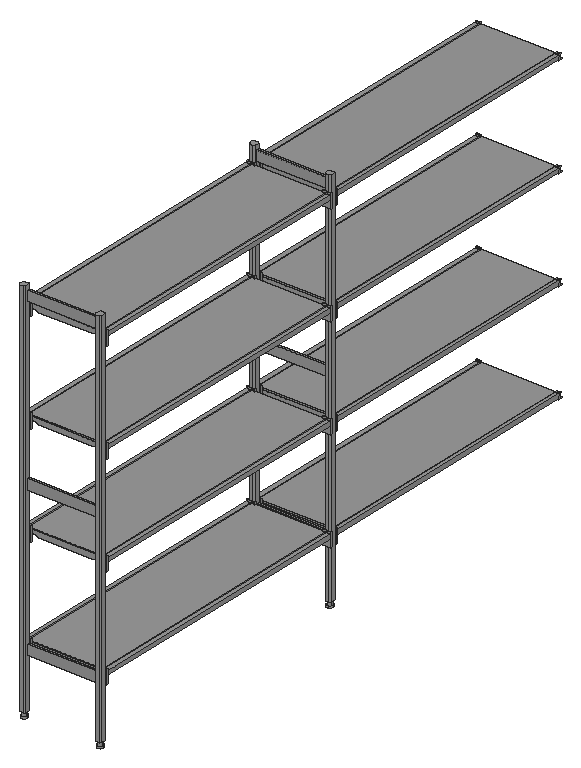
Revit family "QF_ELECTROLUXPROFESSIONAL_137067_ACS2548", category Attrezzature speciali, Revit 2020
Family settings
  Quota connettore circolare = Usa diametro
  Tipo di parte = Normale
  Basato su piano di lavoro = No
  Sempre verticale = Sì
  Taglio con vuoti quando caricato = No
  Condiviso = No
  Punto di calcolo locali = No
Parameters (values of type "Standard")
  Weight = 38.00 kg
  Watts = 0 W
  Volts = 0 V
  URL Manufacturer = "https://www.electroluxprofessional.com/"
  URL = "https://www.electroluxprofessional.com/"
  Steam Supply Size = 0 mm
  Steam Supply Minimum Pressure = 0.0 Pa
  Steam Supply Maximum Pressure = 0.0 Pa
  Steam Consumption per Hour = 0
  Refrigeration Suction Line Size = 0.0 mm
  Refrigeration Liquid Line Size = 0.0 mm
  Refrigerant Compressor Remote = yes
  Prospetto di default = 0.0 mm
  Phase = 0
  Modello = "ACS2548"
  Produttore = "Electrolux Professional"
  Length Actual = 2552.0 mm  # constant formula
  Item Number = "137067"
  Hot Water Size = 0 mm
  Height Actual = 1700.0 mm  # constant formula
  HP = "0 HP"
  Gas Size = 0 mm
  Gas KW = 0
  Gas Input Pressure = 0 W
  Direct Waste Size = 0 mm
  Descrizione = "ALUM.CORNER SHELV.-POLY.TIERS-373X2552MM"
  Depth Actual = 373.0 mm  # constant formula
  Cycle = 0 Hz
  Condensate Return Size = 0 mm
  Compressed Air Volume = 0.0 L/s
  Compressed Air Size = 0 mm
  Compressed Air Pressure = 0.0 Pa
  Cold Water Size = 0 mm
  Accessory = yes
Reference planes
  plane 1: z = 0
  plane 2 "CenterLeft": y = -535.5
  plane 3 "FRONT": y = -921.5
  plane 4 "LEFT": x = 192.5
  plane 5 "RIGHT": x = 565.5
  plane 6 "TOP": z = 1700
  plane 7: y = -889.5
  plane 8: y = 350.5
  plane 9 "Center (Left/Back)": x = 379
  plane 10: x = 205
  plane 11: x = 515
  plane 12 "FEET": z = 25
  plane 13: z = 275
  plane 14: z = 725
  plane 15: z = 1175
  plane 16: z = 1625
  plane 17 "CXLeft": y = -907.5
  plane 18 "Center (Front/Back)": y = 368.5
  plane 19 "CYFront": x = 510
  plane 20: y = 1626.5
  plane 21: y = 386.5
  plane 22 "BACK": y = 1630.5
  plane 23 "LEFT_ORIGIN": x = 158.5
  plane 24 "BACK_ORIGIN": y = 2003.5
Forms (mm)
  Extrusion 1, solid, material "QF_Aluminum"
    sketch origin (38.022, -921.5, -4.006) x (-1, 0, 0) y (0, 0, 1)
      loop
        line (-189.5, 1637.003) -> (-173.5, 1637.003) -> (-173.5, 1655) -> (-175.493, 1655) -> (-175.493, 1648.501) -> (-506.5, 1648.501) -> (-506.5, 1655) -> (-508.5, 1655) -> (-508.5, 1637.003) -> (-492.5, 1637.003) -> (-458.5, 1625) -> (-223.5, 1625) -> (-189.5, 1637.003)
      loop
        line (-189.5, 1187.003) -> (-173.5, 1187.003) -> (-173.5, 1205) -> (-175.493, 1205) -> (-175.493, 1198.501) -> (-506.5, 1198.501) -> (-506.5, 1205) -> (-508.5, 1205) -> (-508.5, 1187.003) -> (-492.5, 1187.003) -> (-458.5, 1175) -> (-223.5, 1175) -> (-189.5, 1187.003)
      loop
        line (-189.5, 737.003) -> (-173.5, 737.003) -> (-173.5, 755) -> (-175.493, 755) -> (-175.493, 748.501) -> (-506.5, 748.501) -> (-506.5, 755) -> (-508.5, 755) -> (-508.5, 737.003) -> (-492.5, 737.003) -> (-458.5, 725) -> (-223.5, 725) -> (-189.5, 737.003)
      loop
        line (-189.5, 287.003) -> (-173.5, 287.003) -> (-173.5, 305) -> (-175.493, 305) -> (-175.493, 298.501) -> (-506.5, 298.501) -> (-506.5, 305) -> (-508.5, 305) -> (-508.5, 287.003) -> (-492.5, 287.003) -> (-458.5, 275) -> (-223.5, 275) -> (-189.5, 287.003)
    from 37 to 32
  Extrusion 2, solid, material "QF_Aluminum"
    sketch origin (38.022, -921.5, 0) x (-1, 0, 0) y (0, 0, 1)
      loop
        line (-154.478, 246.005) -> (-154.478, 307.993) -> (-190.471, 307.993) -> (-190.471, 246.005) -> (-154.478, 246.005)
      loop
        line (-527.478, 246.005) -> (-491.484, 246.005) -> (-491.484, 307.993) -> (-527.478, 307.993) -> (-527.478, 246.005)
      loop
        line (-154.478, 696.005) -> (-154.478, 757.993) -> (-190.471, 757.993) -> (-190.471, 696.005) -> (-154.478, 696.005)
      loop
        line (-527.478, 696.005) -> (-491.484, 696.005) -> (-491.484, 757.993) -> (-527.478, 757.993) -> (-527.478, 696.005)
      loop
        line (-154.478, 1146.005) -> (-154.478, 1207.993) -> (-190.471, 1207.993) -> (-190.471, 1146.005) -> (-154.478, 1146.005)
      loop
        line (-527.478, 1146.005) -> (-491.484, 1146.005) -> (-491.484, 1207.993) -> (-527.478, 1207.993) -> (-527.478, 1146.005)
      loop
        line (-154.478, 1596.005) -> (-154.478, 1657.993) -> (-190.471, 1657.993) -> (-190.471, 1596.005) -> (-154.478, 1596.005)
      loop
        line (-527.478, 1596.005) -> (-491.484, 1596.005) -> (-491.484, 1657.993) -> (-527.478, 1657.993) -> (-527.478, 1596.005)
    from 28 to 32
  Extrusion 3, solid, material "QF_Aluminum"
    sketch origin (38.022, -921.5, 0) x (-1, 0, 0) y (0, 0, 1)
      loop
        line (-154.5, 1650.994) -> (-173.5, 1650.994) -> (-173.5, 1632.998) -> (-154.5, 1632.998) -> (-154.5, 1650.994)
      loop
        line (-154.5, 1200.994) -> (-173.5, 1200.994) -> (-173.5, 1182.998) -> (-154.5, 1182.998) -> (-154.5, 1200.994)
      loop
        line (-154.5, 750.994) -> (-173.5, 750.994) -> (-173.5, 732.998) -> (-154.5, 732.998) -> (-154.5, 750.994)
      loop
        line (-154.5, 300.994) -> (-173.5, 300.994) -> (-173.5, 282.998) -> (-154.5, 282.998) -> (-154.5, 300.994)
      loop
        line (-527.455, 1650.994) -> (-527.455, 1632.998) -> (-508.455, 1632.998) -> (-508.455, 1650.994) -> (-527.455, 1650.994)
      loop
        line (-527.455, 1200.994) -> (-527.455, 1182.998) -> (-508.455, 1182.998) -> (-508.455, 1200.994) -> (-527.455, 1200.994)
      loop
        line (-527.455, 750.994) -> (-527.455, 732.998) -> (-508.455, 732.998) -> (-508.455, 750.994) -> (-527.455, 750.994)
      loop
        line (-527.455, 300.994) -> (-527.455, 282.998) -> (-508.455, 282.998) -> (-508.455, 300.994) -> (-527.455, 300.994)
    from 32 to 1272
  Extrusion 4, solid, material "QF_Polyethylene"
    sketch origin (38.022, -921.5, 0) x (-1, 0, 0) y (0, 0, 1)
      loop
        line (-175.493, 1650.994) -> (-506.5, 1650.994) -> (-506.5, 1644.496) -> (-175.493, 1644.496) -> (-175.493, 1650.994)
      loop
        line (-175.493, 1200.994) -> (-506.5, 1200.994) -> (-506.5, 1194.496) -> (-175.493, 1194.496) -> (-175.493, 1200.994)
      loop
        line (-175.493, 750.994) -> (-506.5, 750.994) -> (-506.5, 744.496) -> (-175.493, 744.496) -> (-175.493, 750.994)
      loop
        line (-175.493, 300.994) -> (-506.5, 300.994) -> (-506.5, 294.496) -> (-175.493, 294.496) -> (-175.493, 300.994)
    from 32 to 1272
  Extrusion 5, solid, material "QF_Aluminum"
    sketch origin (38.022, 684.5, 0) x (-1, 0, 0) y (0, 0, 1)
      loop
        line (-154.5, 1650.994) -> (-173.5, 1650.994) -> (-173.5, 1632.998) -> (-154.5, 1632.998) -> (-154.5, 1650.994)
      loop
        line (-508.5, 1650.994) -> (-527.455, 1650.994) -> (-527.455, 1632.998) -> (-508.5, 1632.998) -> (-508.5, 1650.994)
      loop
        line (-154.5, 1200.994) -> (-173.5, 1200.994) -> (-173.5, 1182.998) -> (-154.5, 1182.998) -> (-154.5, 1200.994)
      loop
        line (-508.5, 1200.994) -> (-527.455, 1200.994) -> (-527.455, 1182.998) -> (-508.5, 1182.998) -> (-508.5, 1200.994)
      loop
        line (-154.5, 750.994) -> (-173.5, 750.994) -> (-173.5, 732.998) -> (-154.5, 732.998) -> (-154.5, 750.994)
      loop
        line (-508.5, 750.994) -> (-527.455, 750.994) -> (-527.455, 732.998) -> (-508.5, 732.998) -> (-508.5, 750.994)
      loop
        line (-154.5, 300.994) -> (-173.5, 300.994) -> (-173.5, 282.998) -> (-154.5, 282.998) -> (-154.5, 300.994)
      loop
        line (-508.5, 300.994) -> (-527.455, 300.994) -> (-527.455, 282.998) -> (-508.5, 282.998) -> (-508.5, 300.994)
    from 942 to -298
  Extrusion 6, solid, material "QF_Polyethylene"
    sketch origin (38.022, 684.5, 0) x (-1, 0, 0) y (0, 0, 1)
      loop
        line (-175.493, 1650.994) -> (-506.5, 1650.994) -> (-506.5, 1644.496) -> (-175.493, 1644.496) -> (-175.493, 1650.994)
      loop
        line (-175.493, 1200.994) -> (-506.5, 1200.994) -> (-506.5, 1194.496) -> (-175.493, 1194.496) -> (-175.493, 1200.994)
      loop
        line (-175.493, 750.994) -> (-506.5, 750.994) -> (-506.5, 744.496) -> (-175.493, 744.496) -> (-175.493, 750.994)
      loop
        line (-175.493, 300.994) -> (-506.5, 300.994) -> (-506.5, 294.496) -> (-175.493, 294.496) -> (-175.493, 300.994)
    from 942 to -298
Lines and regions (mm)
  symbolic lines
    curve 1: line (205, -912.5, 1700) -> (515, -912.5, 1700)
    curve 2: line (515, -902.5, 1700) -> (205, -902.5, 1700)
    curve 3: line (192.5, -893.5, 1700) -> (192.5, 354.5, 1700)
    curve 4: line (565.5, -889.5, 1700) -> (565.5, 350.5, 1700)
    curve 5: line (192.5, 382.5, 1700) -> (192.5, 1630.5, 1700)
    curve 6: line (565.5, 382.5, 1700) -> (565.5, 1630.5, 1700)
    curve 7: line (211.522, 1626.5, 1700) -> (510.507, 1626.5, 1700)
    curve 8: line (211.522, 350.5, 1700) -> (510.507, 350.5, 1700)
    curve 9: line (510.507, 386.5, 1700) -> (211.522, 386.5, 1700)
    curve 10: line (211.522, -889.5, 1700) -> (510.507, -889.5, 1700)
    curve 11: line (211.522, -889.5, 1700) -> (211.522, 350.5, 1700)
    curve 12: line (546.478, 350.5, 1700) -> (546.478, -889.5, 1700)
    curve 13: line (211.522, 386.5, 1700) -> (211.522, 1626.5, 1700)
    curve 14: line (546.522, 652.5, 1700) -> (546.522, -145.5, 1700)
Dimensions and locks
  plane 3 "FRONT" to plane 2 "CenterLeft" = 386.0 mm
  locked: plane 6 "TOP" to level at 1700
  locked: plane 7 to plane 8 at 1240
  locked: plane 10 to plane 11 at 310
  plane 10 to plane 9 "Center (Left/Back)" to plane 11 = 174.0 mm, 136.0 mm
  equal spacing: plane 4 "LEFT", plane 9 "Center (Left/Back)", plane 5 "RIGHT"
  plane 12 "FEET" to level = 25.0 mm
  plane 6 "TOP" to plane 12 "FEET" = 1675.0 mm
  plane 13 to plane 12 "FEET" = 250.0 mm
  plane 14 to plane 13 = 450.0 mm
  plane 15 to plane 14 = 450.0 mm
  plane 16 to plane 15 = 450.0 mm
  plane 19 "CYFront" to Extrusion 1 sketch curve = 34.522 mm
  locked: plane 21 to plane 20 at 1240
  locked: plane 8 to plane 18 "Center (Front/Back)" at 18
  locked: plane 18 "Center (Front/Back)" to plane 21 at 18
  locked: plane 3 "FRONT" to plane 7 at 32
  locked: plane 4 "LEFT" to plane 5 "RIGHT" at 373
  locked: plane 23 "LEFT_ORIGIN" to plane 5 "RIGHT" at 407
  locked: plane 22 "BACK" to plane 24 "BACK_ORIGIN" at 373
  locked: plane 22 "BACK" to plane 3 "FRONT" at 2552
  aligned and locked: level to plane 1
  aligned and locked: Extrusion 1 to plane 7
  aligned and locked: plane 7 to Extrusion 2
  aligned and locked: Extrusion 4 to plane 7
  aligned and locked: plane 8 to Extrusion 4
  aligned and locked: Extrusion 3 to plane 7
  aligned and locked: plane 8 to Extrusion 3
  aligned and locked: Extrusion 1 sketch curve to Extrusion 1 sketch curve  (x3)
  aligned and locked: Extrusion 4 sketch curve to Extrusion 1  (x4)
  aligned and locked: Extrusion 5 sketch curve to Extrusion 5 sketch curve  (x2)
  aligned and locked: Extrusion 5 to plane 21  (x5)
  aligned and locked: Extrusion 6 to plane 21  (x5)
  aligned and locked: nested 2 to plane 18 "Center (Front/Back)"
  aligned and locked: nested 1 to plane 17 "CXLeft"
  aligned and locked: plane 7 to Extrusion 3  (x3)
  aligned and locked: Extrusion 3 to plane 8  (x4)
  aligned and locked: Extrusion 4 to plane 8  (x4)
  aligned and locked: plane 20 to Extrusion 5
  aligned and locked: plane 20 to Extrusion 6
  aligned and locked: Extrusion 5 to plane 20  (x3)
  aligned and locked: Extrusion 6 to plane 20  (x3)
  aligned and locked: plane 9 "Center (Left/Back)" to nested 2
  aligned and locked: nested 3 to plane 22 "BACK"
Automatic sketch dimensions
  curve 1 to plane 10 = 0.0 mm
  curve 1 to plane 11 = 0.0 mm
  curve 2 to plane 10 = 0.0 mm
  curve 2 to plane 11 = 0.0 mm
  curve 3 to plane 4 "LEFT" = 0.0 mm
  plane 7 to curve 10 = 0.0 mm
  curve 4 to plane 5 "RIGHT" = 0.0 mm
  plane 7 to curve 4 = 0.0 mm
  plane 8 to curve 8 = 0.0 mm
  plane 8 to curve 4 = 0.0 mm
  curve 6 to plane 5 "RIGHT" = 0.0 mm
  curve 5 to plane 4 "LEFT" = 0.0 mm
  curve 9 to plane 21 = 0.0 mm
  plane 20 to curve 7 = 0.0 mm
  plane 7 to curve 3 = 4.0 mm
  plane 17 "CXLeft" to curve 2 = 5.0 mm
  curve 1 to plane 17 "CXLeft" = 5.0 mm
  curve 3 to plane 8 = 4.0 mm
  curve 6 to plane 21 = 4.0 mm
  curve 5 to plane 21 = 4.0 mm
  curve 6 to plane 20 = 4.0 mm
  curve 5 to plane 20 = 4.0 mm
  plane 11 to curve 10 = 4.493 mm
  plane 11 to curve 9 = 4.493 mm
  plane 11 to curve 8 = 4.493 mm
  plane 11 to curve 7 = 4.493 mm
  curve 8 to plane 10 = 6.522 mm
  curve 7 to plane 10 = 6.522 mm
  Extrusion 1 sketch curve to plane 19 "CYFront" = 36.522 mm  (x4)
  Extrusion 1 sketch curve to plane 11 = 15.522 mm  (x4)
  Extrusion 1 sketch curve to plane 13 = 4.006 mm
  Extrusion 1 sketch curve to Extrusion 1 sketch curve = 34.0 mm  (x4)
  Extrusion 1 sketch curve to plane 14 = 4.006 mm
  Extrusion 1 sketch curve to plane 15 = 4.006 mm
  Extrusion 1 sketch curve to plane 16 = 4.006 mm
  Extrusion 1 sketch curve to plane 10 = 56.522 mm  (x4)
  Extrusion 1 sketch curve to plane 10 = 22.522 mm  (x4)
  plane 13 to Extrusion 1 sketch curve = 7.998 mm  (x2)
  Extrusion 1 sketch curve to Extrusion 1 sketch curve = 11.498 mm  (x4)
  Extrusion 1 sketch curve to Extrusion 1 sketch curve = 6.499 mm  (x8)
  plane 14 to Extrusion 1 sketch curve = 7.998 mm  (x2)
  plane 15 to Extrusion 1 sketch curve = 7.998 mm  (x2)
  plane 16 to Extrusion 1 sketch curve = 7.998 mm  (x2)
  Extrusion 2 sketch curve to plane 5 "RIGHT" = 0.0 mm  (x4)
  Extrusion 2 sketch curve to plane 4 "LEFT" = 0.0 mm  (x4)
  Extrusion 2 sketch curve to plane 11 = 14.507 mm  (x4)
  Extrusion 2 sketch curve to plane 10 = 23.493 mm  (x4)
  Extrusion 2 sketch curve to plane 13 = 28.995 mm  (x2)
  plane 13 to Extrusion 2 sketch curve = 32.993 mm  (x2)
  Extrusion 2 sketch curve to plane 14 = 28.995 mm  (x2)
  plane 14 to Extrusion 2 sketch curve = 32.993 mm  (x2)
  Extrusion 2 sketch curve to plane 15 = 28.995 mm  (x2)
  plane 15 to Extrusion 2 sketch curve = 32.993 mm  (x2)
  Extrusion 2 sketch curve to plane 16 = 28.995 mm  (x2)
  plane 16 to Extrusion 2 sketch curve = 32.993 mm  (x2)
  plane 13 to Extrusion 4 sketch curve = 19.496 mm
  Extrusion 4 sketch curve to Extrusion 4 sketch curve = 6.499 mm  (x4)
  plane 14 to Extrusion 4 sketch curve = 19.496 mm
  plane 15 to Extrusion 4 sketch curve = 19.496 mm
  plane 16 to Extrusion 4 sketch curve = 19.496 mm
  plane 5 "RIGHT" to Extrusion 5 sketch curve = 0.022 mm  (x4)
  Extrusion 5 sketch curve to plane 4 "LEFT" = 19.022 mm  (x4)
  Extrusion 5 sketch curve to plane 19 "CYFront" = 36.522 mm  (x2)
  plane 13 to Extrusion 5 sketch curve = 7.998 mm  (x2)
  Extrusion 5 sketch curve to Extrusion 5 sketch curve = 17.997 mm  (x8)
  plane 14 to Extrusion 5 sketch curve = 7.998 mm  (x2)
  plane 15 to Extrusion 5 sketch curve = 7.998 mm  (x2)
  plane 16 to Extrusion 5 sketch curve = 7.998 mm  (x2)
  Extrusion 6 sketch curve to plane 19 "CYFront" = 34.522 mm  (x4)
  plane 13 to Extrusion 6 sketch curve = 19.496 mm
  Extrusion 6 sketch curve to Extrusion 6 sketch curve = 6.499 mm  (x4)
  plane 14 to Extrusion 6 sketch curve = 19.496 mm
  plane 15 to Extrusion 6 sketch curve = 19.496 mm
  plane 16 to Extrusion 6 sketch curve = 19.496 mm
  plane 5 "RIGHT" to Extrusion 3 sketch curve = 0.022 mm  (x4)
  Extrusion 3 sketch curve to Extrusion 3 sketch curve = 19.0 mm  (x4)
  plane 14 to Extrusion 3 sketch curve = 7.998 mm  (x2)
  Extrusion 3 sketch curve to plane 10 = 6.522 mm  (x4)
  Extrusion 3 sketch curve to plane 4 "LEFT" = 0.022 mm  (x4)
  plane 13 to Extrusion 3 sketch curve = 25.994 mm  (x2)
  plane 13 to Extrusion 3 sketch curve = 7.998 mm  (x2)
  Extrusion 3 sketch curve to Extrusion 3 sketch curve = 17.997 mm  (x6)
  plane 15 to Extrusion 3 sketch curve = 7.998 mm  (x2)
  plane 16 to Extrusion 3 sketch curve = 7.998 mm  (x2)
  plane 7 to curve 12 = 0.0 mm
  plane 8 to curve 12 = 0.0 mm
  curve 4 to curve 12 = 19.022 mm
  Extrusion 1 sketch curve to plane 10 = 8.516 mm  (x4)
  Extrusion 1 sketch curve to plane 10 = 6.522 mm  (x2)
  Extrusion 1 sketch curve to Extrusion 1 sketch curve = 1.993 mm  (x2)
  Extrusion 4 sketch curve to plane 10 = 8.516 mm  (x4)
  Extrusion 5 sketch curve to plane 4 "LEFT" = 0.022 mm  (x4)
  Extrusion 6 sketch curve to plane 10 = 8.516 mm  (x4)
Nested families
  nested 1: "WT_Anta373" at (215.5, -504.5, 0) x (0, 1, 0) z (0, 0, 1), type "WT_Anta373"
  nested 2: "WT_Anta373Center" at (215.5, 771.5, 0) x (0, 1, 0) z (0, 0, 1), type "WT_Anta373Center"
  nested 3: "WT_Aggancio373" at (215.5, 2038.5, 0) x (0, 1, 0) z (0, 0, 1), type "WT_Aggancio373"
Definition of nested family "WT_Anta373"
  Parameters
    WidthLeft = A + 64.0 mm  # 772.0 mm
    Width = 1606.0 mm
    Right = WidthLeft / 2  # 386.0 mm
    Default Elevation = 0.0 mm
    Left = -WidthLeft / 2  # -386.0 mm
    Height = 1725.0 mm
    FEET = 25.0 mm
    E = 0.0 mm
    Dint = Depth - 63.0 mm  # 310.0 mm
    Dext = Depth - 8.0 mm  # 365.0 mm
    Depth = 373.0 mm
    DX = (WidthLeft - A) / 2  # 32.0 mm
    B = 798.0 mm
    A = 708.0 mm
  Reference planes
    plane 1: z = 0
    plane 2 "LEFT": x = -417
    plane 3 "BACK": y = 23
    plane 4 "FRONT": y = -350
    plane 5 "TOP": z = 1725
    plane 6 "Center (Front/Back)": y = -163.5
    plane 7: y = -8.5
    plane 8: y = -318.5
    plane 9 "FEET": z = 25
    plane 10: z = 275
    plane 11: z = 725
    plane 12: z = 1175
    plane 13: z = 1625
    plane 14 "CXLeft": x = -403
    plane 15: y = 5.5
    plane 16 "CYBack": y = 5.5
    plane 17 "CYFront": y = -332.5
    plane 18: x = -385.031
    plane 19: x = -380.031
  Forms (mm)
    Extrusion 1, solid
      sketch origin (0, 0, 0) x (1, 0, 0) y (0, 1, 0)
        loop
          line (-417, 13.246) -> (-417, -2.246) -> (-410.746, -8.5) -> (-395.254, -8.5) -> (-389, -2.246) -> (-389, 13.246) -> (-395.254, 19.5) -> (-410.746, 19.5) -> (-417, 13.246)
      from 1725 to 25
    Extrusion 2, solid
      sketch origin (-417, 0, 0) x (0, 1, 0) y (0, 0, 1)
        loop
          line (23, 246.005) -> (23, 307.993) -> (-12.993, 307.993) -> (-12.993, 246.005) -> (23, 246.005)
        loop
          line (-350, 246.005) -> (-314.007, 246.005) -> (-314.007, 307.993) -> (-350, 307.993) -> (-350, 246.005)
        loop
          line (23, 696.005) -> (23, 757.993) -> (-12.993, 757.993) -> (-12.993, 696.005) -> (23, 696.005)
        loop
          line (-350, 696.005) -> (-314.007, 696.005) -> (-314.007, 757.993) -> (-350, 757.993) -> (-350, 696.005)
        loop
          line (23, 1146.005) -> (23, 1207.993) -> (-12.993, 1207.993) -> (-12.993, 1146.005) -> (23, 1146.005)
        loop
          line (-350, 1146.005) -> (-314.007, 1146.005) -> (-314.007, 1207.993) -> (-350, 1207.993) -> (-350, 1146.005)
        loop
          line (23, 1596.005) -> (23, 1657.993) -> (-12.993, 1657.993) -> (-12.993, 1596.005) -> (23, 1596.005)
        loop
          line (-350, 1596.005) -> (-314.007, 1596.005) -> (-314.007, 1657.993) -> (-350, 1657.993) -> (-350, 1596.005)
      from 28 to 32
    Revolve 3, solid
      sketch origin (-403, 0, 0) x (0, 1, 0) y (0, 0, 1)
        loop
          line (5.5, 25) -> (5.5, 0) -> (19, 0) -> (19, 5) -> (14, 5) -> (14, 25) -> (5.5, 25)
        axis (5.5, 25) -> (5.5, 0)
      angle from 0 to 360
    Extrusion 4, solid
      sketch origin (-403, 0, 0) x (0, 1, 0) y (0, 0, 1)
        loop
          line (-8.5, 912.382) -> (-8.5, 957.374) -> (-318.5, 957.374) -> (-318.5, 912.382) -> (-8.5, 912.382)
        loop
          line (-8.5, 1662.244) -> (-8.5, 1707.236) -> (-318.5, 1707.236) -> (-318.5, 1662.244) -> (-8.5, 1662.244)
      from -5 to 5
    Revolve 5, solid
      sketch origin (-403, -627, 0) x (0, -1, 0) y (0, 0, 1)
        loop
          line (-294.5, 25) -> (-294.5, 0) -> (-281, 0) -> (-281, 5) -> (-286, 5) -> (-286, 25) -> (-294.5, 25)
        axis (-294.5, 25) -> (-294.5, 0)
      angle from 0 to 360
    Extrusion 6, solid
      sketch origin (0, -627, 0) x (1, 0, 0) y (0, 1, 0)
        loop
          line (-417, 286.754) -> (-410.746, 280.5) -> (-395.254, 280.5) -> (-389, 286.754) -> (-389, 302.246) -> (-395.254, 308.5) -> (-410.746, 308.5) -> (-417, 302.246) -> (-417, 286.754)
      from 1725 to 25
    Extrusion 7, solid
      sketch origin (-417.031, -0.022, 0) x (0, 1, 0) y (0, 0, -1)
        loop
          line (-12, -1632.998) -> (-46, -1620.994) -> (-281, -1620.994) -> (-315, -1632.998) -> (-331, -1632.998) -> (-331, -1650.994) -> (-329, -1650.994) -> (-329, -1644.496) -> (2.007, -1644.496) -> (2.007, -1650.994) -> (4, -1650.994) -> (4, -1632.998) -> (-12, -1632.998)
        loop
          line (-12, -1182.998) -> (-46, -1170.994) -> (-281, -1170.994) -> (-315, -1182.998) -> (-331, -1182.998) -> (-331, -1200.994) -> (-329, -1200.994) -> (-329, -1194.496) -> (2.007, -1194.496) -> (2.007, -1200.994) -> (4, -1200.994) -> (4, -1182.998) -> (-12, -1182.998)
        loop
          line (-12, -732.998) -> (-46, -720.994) -> (-281, -720.994) -> (-315, -732.998) -> (-331, -732.998) -> (-331, -750.994) -> (-329, -750.994) -> (-329, -744.496) -> (2.007, -744.496) -> (2.007, -750.994) -> (4, -750.994) -> (4, -732.998) -> (-12, -732.998)
        loop
          line (-12, -282.998) -> (-46, -270.994) -> (-281, -270.994) -> (-315, -282.998) -> (-331, -282.998) -> (-331, -300.994) -> (-329, -300.994) -> (-329, -294.496) -> (2.007, -294.496) -> (2.007, -300.994) -> (4, -300.994) -> (4, -282.998) -> (-12, -282.998)
      from -32 to -37
    Extrusion 8, solid
      sketch origin (-403, 0, -659.878) x (0, 1, 0) y (0, 0, 1)
        loop
          line (-8.5, 912.382) -> (-8.5, 957.374) -> (-318.5, 957.374) -> (-318.5, 912.382) -> (-8.5, 912.382)
        loop
          line (-8.5, 1572.382) -> (-8.5, 1617.374) -> (-318.5, 1617.374) -> (-318.5, 1572.382) -> (-8.5, 1572.382)
        loop
          line (-8.5, 2322.382) -> (-8.5, 2367.374) -> (-318.5, 2367.374) -> (-318.5, 2322.382) -> (-8.5, 2322.382)
      from -5 to 5
  Lines and regions (mm)
    symbolic lines
      curve 1: line (-408, -8.5, 1725) -> (-408, -318.5, 1725)
      curve 2: line (-398, -318.5, 1725) -> (-398, -8.5, 1725)
      curve 3: line (-395.254, -8.5, 1725) -> (-410.746, -8.5, 1725)
      curve 4: line (-417, -2.246, 1725) -> (-410.746, -8.5, 1725)
      curve 5: line (-417, 13.246, 1725) -> (-417, -2.246, 1725)
      curve 6: line (-410.746, 19.5, 1725) -> (-417, 13.246, 1725)
      curve 7: line (-395.254, 19.5, 1725) -> (-410.746, 19.5, 1725)
      curve 8: line (-389, 13.246, 1725) -> (-395.254, 19.5, 1725)
      curve 9: line (-395.254, -8.5, 1725) -> (-389, -2.246, 1725)
      curve 10: line (-395.254, -318.5, 1725) -> (-410.746, -318.5, 1725)
      curve 11: line (-417, -324.754, 1725) -> (-410.746, -318.5, 1725)
      curve 12: line (-410.746, -346.5, 1725) -> (-417, -340.246, 1725)
      curve 13: line (-395.254, -346.5, 1725) -> (-410.746, -346.5, 1725)
      curve 14: line (-389, -340.246, 1725) -> (-395.254, -346.5, 1725)
      curve 15: line (-395.254, -318.5, 1725) -> (-389, -324.754, 1725)
      curve 16: line (-389, -350, 1725) -> (-389, -314.007, 1725)
      curve 17: line (-389, -314.007, 1725) -> (-385, -314.007, 1725)
      curve 18: line (-389, 23, 1725) -> (-389, -12.993, 1725)
      curve 19: line (-389, -12.993, 1725) -> (-385, -12.993, 1725)
      curve 20: line (-417, -324.754, 1725) -> (-417, -340.246, 1725)
      curve 21: line (-385, -350, 1725) -> (-385, -314.007, 1725)
      curve 22: line (-385, -350, 1725) -> (-389, -350, 1725)
      curve 23: line (-385, 23, 1725) -> (-389, 23, 1725)
      curve 24: line (-385, -12.993, 1725) -> (-385, 23, 1725)
      curve 25: line (-385.031, -13.016, 1725) -> (-385.031, -314.029, 1725)
  Dimensions and locks
    "Height": plane 5 "TOP" to level
    "Depth": plane 3 "BACK" to plane 4 "FRONT"
    "Dint": plane 7 to plane 8
    equal spacing: plane 7, plane 6 "Center (Front/Back)", plane 8
    equal spacing: plane 3 "BACK", plane 6 "Center (Front/Back)", plane 4 "FRONT"
    plane 9 "FEET" to level = 25.0 mm
    plane 5 "TOP" to plane 9 "FEET" = 1700.0 mm
    plane 10 to plane 9 "FEET" = 250.0 mm
    plane 11 to plane 10 = 450.0 mm
    plane 12 to plane 11 = 450.0 mm
    plane 13 to plane 12 = 450.0 mm
    locked: plane 2 "LEFT" to plane 14 "CXLeft" at 14
    locked: plane 3 "BACK" to plane 16 "CYBack" at 17.5
    locked: plane 17 "CYFront" to plane 4 "FRONT" at 17.5
    locked: Revolve 3 sketch curve to Revolve 3 sketch curve at 8.5
    locked: Revolve 3 sketch curve to plane 16 "CYBack" at 13.5
    locked: Revolve 5 sketch curve to Revolve 5 sketch curve at 8.5
    aligned and locked: level to plane 1
    aligned and locked: curve 20 to Extrusion 6
    aligned and locked: plane 5 "TOP" to Extrusion 1
    aligned and locked: plane 5 "TOP" to Extrusion 6
    aligned and locked: Extrusion 7 sketch curve to Extrusion 7 sketch curve  (x3)
  Automatic sketch dimensions
    curve 16 to plane 4 "FRONT" = 0.0 mm
    curve 11 to plane 8 = 0.0 mm
    curve 9 to plane 7 = 0.0 mm
    curve 5 to plane 2 "LEFT" = 0.0 mm
    curve 23 to plane 3 "BACK" = 0.0 mm
    plane 4 "FRONT" to curve 13 = 3.5 mm
    curve 20 to plane 17 "CYFront" = 7.746 mm
    curve 20 to plane 8 = 6.254 mm
    plane 8 to curve 16 = 4.493 mm
    curve 24 to plane 18 = 0.031 mm
    curve 24 to plane 7 = 4.493 mm
    plane 7 to curve 5 = 6.254 mm
    curve 5 to plane 15 = 7.746 mm
    curve 6 to plane 3 "BACK" = 3.5 mm
    curve 21 to plane 18 = 0.031 mm
    plane 18 to curve 23 = 3.969 mm
    plane 18 to curve 16 = 3.969 mm
    curve 18 to curve 8 = 6.254 mm
    curve 18 to curve 3 = 6.254 mm
    curve 16 to curve 13 = 6.254 mm
    curve 16 to curve 15 = 6.254 mm
    plane 2 "LEFT" to curve 10 = 6.254 mm
    plane 2 "LEFT" to curve 7 = 6.254 mm
    plane 2 "LEFT" to curve 12 = 6.254 mm
    plane 2 "LEFT" to curve 3 = 6.254 mm
    curve 14 to plane 17 "CYFront" = 7.746 mm
    curve 15 to plane 8 = 6.254 mm
    plane 7 to curve 9 = 6.254 mm
    curve 8 to plane 15 = 7.746 mm
    curve 3 to curve 2 = 2.746 mm
    curve 1 to curve 10 = 2.746 mm
    Extrusion 1 sketch curve to plane 2 "LEFT" = 0.0 mm
    Extrusion 1 sketch curve to plane 7 = 0.0 mm
    plane 2 "LEFT" to Extrusion 1 sketch curve = 6.254 mm  (x2)
    plane 14 "CXLeft" to Extrusion 1 sketch curve = 7.746 mm  (x2)
    Extrusion 1 sketch curve to plane 3 "BACK" = 3.5 mm
    plane 18 to Extrusion 1 sketch curve = 3.969 mm
    plane 7 to Extrusion 1 sketch curve = 6.254 mm  (x2)
    Extrusion 1 sketch curve to plane 15 = 7.746 mm  (x2)
    Extrusion 2 sketch curve to plane 4 "FRONT" = 0.0 mm  (x4)
    Extrusion 2 sketch curve to plane 3 "BACK" = 0.0 mm  (x4)
    plane 8 to Extrusion 2 sketch curve = 4.493 mm  (x4)
    Extrusion 2 sketch curve to plane 7 = 4.493 mm  (x4)
    Extrusion 2 sketch curve to plane 10 = 28.995 mm  (x2)
    plane 10 to Extrusion 2 sketch curve = 32.993 mm  (x2)
    Extrusion 2 sketch curve to plane 11 = 28.995 mm  (x2)
    plane 11 to Extrusion 2 sketch curve = 32.993 mm  (x2)
    Extrusion 2 sketch curve to plane 12 = 28.995 mm  (x2)
    plane 12 to Extrusion 2 sketch curve = 32.993 mm  (x2)
    Extrusion 2 sketch curve to plane 13 = 28.995 mm  (x2)
    plane 13 to Extrusion 2 sketch curve = 32.993 mm  (x2)
    Revolve 3 sketch curve to plane 9 "FEET" = 0.0 mm  (x2)
    Revolve 3 sketch curve to plane 15 = 0.0 mm  (x2)
    Revolve 3 sketch curve to level = 0.0 mm
    level to Revolve 3 sketch curve = 5.0 mm
    Revolve 3 sketch curve to Revolve 3 sketch curve = 11.655 mm
    Extrusion 4 sketch curve to plane 8 = 0.0 mm  (x2)
    Extrusion 4 sketch curve to plane 7 = 0.0 mm  (x2)
    plane 11 to Extrusion 4 sketch curve = 187.382 mm
    Extrusion 4 sketch curve to Extrusion 4 sketch curve = 44.992 mm
    plane 13 to Extrusion 4 sketch curve = 37.244 mm
    Extrusion 4 sketch curve to plane 5 "TOP" = 17.764 mm
    Revolve 5 sketch curve to plane 9 "FEET" = 0.0 mm  (x2)
    Revolve 5 sketch curve to plane 17 "CYFront" = 0.0 mm  (x2)
    Revolve 5 sketch curve to level = 0.0 mm
    Revolve 5 sketch curve to plane 4 "FRONT" = 4.0 mm
    Revolve 5 sketch curve to Revolve 5 sketch curve = 5.0 mm
    level to Revolve 5 sketch curve = 11.655 mm
    Extrusion 6 sketch curve to plane 2 "LEFT" = 0.0 mm
    Extrusion 6 sketch curve to plane 8 = 0.0 mm
    Extrusion 6 sketch curve to plane 2 "LEFT" = 6.254 mm  (x2)
    Extrusion 6 sketch curve to plane 14 "CXLeft" = 7.746 mm  (x2)
    Extrusion 6 sketch curve to plane 4 "FRONT" = 3.5 mm
    Extrusion 6 sketch curve to plane 18 = 3.969 mm
    plane 8 to Extrusion 6 sketch curve = 6.254 mm  (x2)
    plane 17 "CYFront" to Extrusion 6 sketch curve = 7.746 mm  (x2)
    plane 17 "CYFront" to Extrusion 7 sketch curve = 1.478 mm  (x4)
    Extrusion 7 sketch curve to Extrusion 7 sketch curve = 2.0 mm
    plane 8 to Extrusion 7 sketch curve = 3.478 mm  (x4)
    Extrusion 7 sketch curve to plane 10 = 4.006 mm
    Extrusion 7 sketch curve to Extrusion 7 sketch curve = 34.0 mm  (x4)
    Extrusion 7 sketch curve to plane 11 = 4.006 mm
    Extrusion 7 sketch curve to plane 12 = 4.006 mm
    Extrusion 7 sketch curve to plane 13 = 4.006 mm
    Extrusion 7 sketch curve to plane 7 = 37.522 mm  (x4)
    Extrusion 7 sketch curve to plane 7 = 3.522 mm  (x4)
    plane 15 to Extrusion 7 sketch curve = 3.516 mm  (x4)
    plane 15 to Extrusion 7 sketch curve = 1.522 mm  (x4)
    plane 13 to Extrusion 7 sketch curve = 7.998 mm  (x2)
    Extrusion 7 sketch curve to Extrusion 7 sketch curve = 11.498 mm
    Extrusion 7 sketch curve to Extrusion 7 sketch curve = 6.499 mm  (x5)
    plane 12 to Extrusion 7 sketch curve = 25.994 mm  (x2)
    plane 12 to Extrusion 7 sketch curve = 7.998 mm  (x2)
    plane 11 to Extrusion 7 sketch curve = 25.994 mm  (x2)
    plane 11 to Extrusion 7 sketch curve = 7.998 mm  (x2)
    plane 10 to Extrusion 7 sketch curve = 25.994 mm  (x2)
    plane 10 to Extrusion 7 sketch curve = 7.998 mm  (x2)
    curve 25 to plane 18 = 0.0 mm
    plane 8 to curve 25 = 4.471 mm
    curve 25 to plane 7 = 4.516 mm
    Extrusion 8 sketch curve to plane 8 = 0.0 mm  (x3)
    Extrusion 8 sketch curve to plane 7 = 0.0 mm  (x3)
    Extrusion 8 sketch curve to plane 10 = 22.496 mm
    plane 10 to Extrusion 8 sketch curve = 22.496 mm
    plane 11 to Extrusion 8 sketch curve = 187.504 mm
    Extrusion 8 sketch curve to Extrusion 8 sketch curve = 44.992 mm
    plane 13 to Extrusion 8 sketch curve = 37.504 mm
    Extrusion 8 sketch curve to plane 5 "TOP" = 17.504 mm
Definition of nested family "WT_Anta373Center"
  Parameters
    WidthLeft = A + 64.0 mm  # 772.0 mm
    Width = 1606.0 mm
    Right = WidthLeft / 2  # 386.0 mm
    Default Elevation = 0.0 mm
    Left = -WidthLeft / 2  # -386.0 mm
    Height = 1725.0 mm
    FEET = 25.0 mm
    E = 0.0 mm
    Dint = Depth - 63.0 mm  # 310.0 mm
    Dext = Depth - 8.0 mm  # 365.0 mm
    Depth = 373.0 mm
    DX = (WidthLeft - A) / 2  # 32.0 mm
    B = 798.0 mm
    A = 708.0 mm
  Reference planes
    plane 1: z = 0
    plane 2 "L": x = -417
    plane 3 "BACK": y = 23
    plane 4 "FRONT": y = -350
    plane 5 "TOP": z = 1725
    plane 6 "Center (Front/Back)": y = -163.5
    plane 7: y = -8.5
    plane 8: y = -318.5
    plane 9 "FEET": z = 25
    plane 10: z = 275
    plane 11: z = 725
    plane 12: z = 1175
    plane 13: z = 1625
    plane 14 "CXLeft": x = -403
    plane 15: y = 5.5
    plane 16 "CYBack": y = 5.5
    plane 17 "CYFront": y = -332.5
    plane 18: x = -385.031
    plane 19 "RIGHT": x = -380.031
    plane 20: x = -420.969
    plane 21 "LEFT": x = -425.969
  Forms (mm)
    Extrusion 1, solid
      sketch origin (0, 0, 0) x (1, 0, 0) y (0, 1, 0)
        loop
          line (-417, 13.246) -> (-417, -2.246) -> (-410.746, -8.5) -> (-395.254, -8.5) -> (-389, -2.246) -> (-389, 13.246) -> (-395.254, 19.5) -> (-410.746, 19.5) -> (-417, 13.246)
      from 1725 to 25
    Extrusion 2, solid
      sketch origin (-417, 0, 0) x (0, 1, 0) y (0, 0, 1)
        loop
          line (23, 246.005) -> (23, 307.993) -> (-12.993, 307.993) -> (-12.993, 246.005) -> (23, 246.005)
        loop
          line (-350, 246.005) -> (-314.007, 246.005) -> (-314.007, 307.993) -> (-350, 307.993) -> (-350, 246.005)
        loop
          line (23, 696.005) -> (23, 757.993) -> (-12.993, 757.993) -> (-12.993, 696.005) -> (23, 696.005)
        loop
          line (-350, 696.005) -> (-314.007, 696.005) -> (-314.007, 757.993) -> (-350, 757.993) -> (-350, 696.005)
        loop
          line (23, 1146.005) -> (23, 1207.993) -> (-12.993, 1207.993) -> (-12.993, 1146.005) -> (23, 1146.005)
        loop
          line (-350, 1146.005) -> (-314.007, 1146.005) -> (-314.007, 1207.993) -> (-350, 1207.993) -> (-350, 1146.005)
        loop
          line (23, 1596.005) -> (23, 1657.993) -> (-12.993, 1657.993) -> (-12.993, 1596.005) -> (23, 1596.005)
        loop
          line (-350, 1596.005) -> (-314.007, 1596.005) -> (-314.007, 1657.993) -> (-350, 1657.993) -> (-350, 1596.005)
      from 28 to 32
    Revolve 3, solid
      sketch origin (-403, 0, 0) x (0, 1, 0) y (0, 0, 1)
        loop
          line (5.5, 25) -> (5.5, 0) -> (19, 0) -> (19, 5) -> (14, 5) -> (14, 25) -> (5.5, 25)
        axis (5.5, 25) -> (5.5, 0)
      angle from 0 to 360
    Extrusion 4, solid
      sketch origin (-403, 0, 0) x (0, 1, 0) y (0, 0, 1)
        loop
          line (-8.5, 912.382) -> (-8.5, 957.374) -> (-318.5, 957.374) -> (-318.5, 912.382) -> (-8.5, 912.382)
        loop
          line (-8.5, 1662.244) -> (-8.5, 1707.236) -> (-318.5, 1707.236) -> (-318.5, 1662.244) -> (-8.5, 1662.244)
      from -5 to 5
    Revolve 5, solid
      sketch origin (-403, -627, 0) x (0, -1, 0) y (0, 0, 1)
        loop
          line (-294.5, 25) -> (-294.5, 0) -> (-281, 0) -> (-281, 5) -> (-286, 5) -> (-286, 25) -> (-294.5, 25)
        axis (-294.5, 25) -> (-294.5, 0)
      angle from 0 to 360
    Extrusion 6, solid
      sketch origin (0, -627, 0) x (1, 0, 0) y (0, 1, 0)
        loop
          line (-417, 286.754) -> (-410.746, 280.5) -> (-395.254, 280.5) -> (-389, 286.754) -> (-389, 302.246) -> (-395.254, 308.5) -> (-410.746, 308.5) -> (-417, 302.246) -> (-417, 286.754)
      from 1725 to 25
    Extrusion 7, solid
      sketch origin (-417.031, -0.022, 0) x (0, 1, 0) y (0, 0, -1)
        loop
          line (-12, -1632.998) -> (-46, -1620.994) -> (-281, -1620.994) -> (-315, -1632.998) -> (-331, -1632.998) -> (-331, -1650.994) -> (-329, -1650.994) -> (-329, -1644.496) -> (2.007, -1644.496) -> (2.007, -1650.994) -> (4, -1650.994) -> (4, -1632.998) -> (-12, -1632.998)
        loop
          line (-12, -1182.998) -> (-46, -1170.994) -> (-281, -1170.994) -> (-315, -1182.998) -> (-331, -1182.998) -> (-331, -1200.994) -> (-329, -1200.994) -> (-329, -1194.496) -> (2.007, -1194.496) -> (2.007, -1200.994) -> (4, -1200.994) -> (4, -1182.998) -> (-12, -1182.998)
        loop
          line (-12, -732.998) -> (-46, -720.994) -> (-281, -720.994) -> (-315, -732.998) -> (-331, -732.998) -> (-331, -750.994) -> (-329, -750.994) -> (-329, -744.496) -> (2.007, -744.496) -> (2.007, -750.994) -> (4, -750.994) -> (4, -732.998) -> (-12, -732.998)
        loop
          line (-12, -282.998) -> (-46, -270.994) -> (-281, -270.994) -> (-315, -282.998) -> (-331, -282.998) -> (-331, -300.994) -> (-329, -300.994) -> (-329, -294.496) -> (2.007, -294.496) -> (2.007, -300.994) -> (4, -300.994) -> (4, -282.998) -> (-12, -282.998)
      from -32 to -37
    Extrusion 8, solid
      sketch origin (-403, 0, -659.878) x (0, 1, 0) y (0, 0, 1)
        loop
          line (-8.5, 912.382) -> (-8.5, 957.374) -> (-318.5, 957.374) -> (-318.5, 912.382) -> (-8.5, 912.382)
        loop
          line (-8.5, 1572.382) -> (-8.5, 1617.374) -> (-318.5, 1617.374) -> (-318.5, 1572.382) -> (-8.5, 1572.382)
        loop
          line (-8.5, 2322.382) -> (-8.5, 2367.374) -> (-318.5, 2367.374) -> (-318.5, 2322.382) -> (-8.5, 2322.382)
      from -5 to 5
    Extrusion 9, solid
      sketch origin (-389, 0, 0) x (0, 1, 0) y (0, 0, -1)
        loop
          line (23, -246.005) -> (-12.993, -246.005) -> (-12.993, -307.993) -> (23, -307.993) -> (23, -246.005)
        loop
          line (-350, -246.005) -> (-350, -307.993) -> (-314.007, -307.993) -> (-314.007, -246.005) -> (-350, -246.005)
        loop
          line (23, -696.005) -> (-12.993, -696.005) -> (-12.993, -757.993) -> (23, -757.993) -> (23, -696.005)
        loop
          line (-350, -696.005) -> (-350, -757.993) -> (-314.007, -757.993) -> (-314.007, -696.005) -> (-350, -696.005)
        loop
          line (23, -1146.005) -> (-12.993, -1146.005) -> (-12.993, -1207.993) -> (23, -1207.993) -> (23, -1146.005)
        loop
          line (-350, -1146.005) -> (-350, -1207.993) -> (-314.007, -1207.993) -> (-314.007, -1146.005) -> (-350, -1146.005)
        loop
          line (23, -1596.005) -> (-12.993, -1596.005) -> (-12.993, -1657.993) -> (23, -1657.993) -> (23, -1596.005)
        loop
          line (-350, -1596.005) -> (-350, -1657.993) -> (-314.007, -1657.993) -> (-314.007, -1596.005) -> (-350, -1596.005)
      from 28 to 32
    Extrusion 10, solid
      sketch origin (-388.969, -0.022, 0) x (0, 1, 0) y (0, 0, 1)
        loop
          line (-12, 1632.998) -> (4, 1632.998) -> (4, 1650.994) -> (2.007, 1650.994) -> (2.007, 1644.496) -> (-329, 1644.496) -> (-329, 1650.994) -> (-331, 1650.994) -> (-331, 1632.998) -> (-315, 1632.998) -> (-281, 1620.994) -> (-46, 1620.994) -> (-12, 1632.998)
        loop
          line (-12, 1182.998) -> (4, 1182.998) -> (4, 1200.994) -> (2.007, 1200.994) -> (2.007, 1194.496) -> (-329, 1194.496) -> (-329, 1200.994) -> (-331, 1200.994) -> (-331, 1182.998) -> (-315, 1182.998) -> (-281, 1170.994) -> (-46, 1170.994) -> (-12, 1182.998)
        loop
          line (-12, 732.998) -> (4, 732.998) -> (4, 750.994) -> (2.007, 750.994) -> (2.007, 744.496) -> (-329, 744.496) -> (-329, 750.994) -> (-331, 750.994) -> (-331, 732.998) -> (-315, 732.998) -> (-281, 720.994) -> (-46, 720.994) -> (-12, 732.998)
        loop
          line (-12, 282.998) -> (4, 282.998) -> (4, 300.994) -> (2.007, 300.994) -> (2.007, 294.496) -> (-329, 294.496) -> (-329, 300.994) -> (-331, 300.994) -> (-331, 282.998) -> (-315, 282.998) -> (-281, 270.994) -> (-46, 270.994) -> (-12, 282.998)
      from -32 to -37
  Lines and regions (mm)
    symbolic lines
      curve 1: line (-408, -8.5, 1725) -> (-408, -318.5, 1725)
      curve 2: line (-398, -318.5, 1725) -> (-398, -8.5, 1725)
      curve 3: line (-395.254, -8.5, 1725) -> (-410.746, -8.5, 1725)
      curve 4: line (-417, -2.246, 1725) -> (-410.746, -8.5, 1725)
      curve 5: line (-410.746, 19.5, 1725) -> (-417, 13.246, 1725)
      curve 6: line (-395.254, 19.5, 1725) -> (-410.746, 19.5, 1725)
      curve 7: line (-389, 13.246, 1725) -> (-395.254, 19.5, 1725)
      curve 8: line (-395.254, -8.5, 1725) -> (-389, -2.246, 1725)
      curve 9: line (-395.254, -318.5, 1725) -> (-410.746, -318.5, 1725)
      curve 10: line (-417, -324.754, 1725) -> (-410.746, -318.5, 1725)
      curve 11: line (-410.746, -346.5, 1725) -> (-417, -340.246, 1725)
      curve 12: line (-395.254, -346.5, 1725) -> (-410.746, -346.5, 1725)
      curve 13: line (-389, -340.246, 1725) -> (-395.254, -346.5, 1725)
      curve 14: line (-395.254, -318.5, 1725) -> (-389, -324.754, 1725)
      curve 15: line (-389, -350, 1725) -> (-389, -314.007, 1725)
      curve 16: line (-389, -314.007, 1725) -> (-385, -314.007, 1725)
      curve 17: line (-389, 23, 1725) -> (-389, -12.993, 1725)
      curve 18: line (-389, -12.993, 1725) -> (-385, -12.993, 1725)
      curve 19: line (-385, -350, 1725) -> (-385, -314.007, 1725)
      curve 20: line (-385, -350, 1725) -> (-389, -350, 1725)
      curve 21: line (-385, 23, 1725) -> (-389, 23, 1725)
      curve 22: line (-385, -12.993, 1725) -> (-385, 23, 1725)
      curve 23: line (-385.031, -13.016, 1725) -> (-385.031, -314.029, 1725)
      curve 24: line (-417, -350, 1725) -> (-417, -314.007, 1725)
      curve 25: line (-417, -314.007, 1725) -> (-421, -314.007, 1725)
      curve 26: line (-417, 23, 1725) -> (-417, -12.993, 1725)
      curve 27: line (-417, -12.993, 1725) -> (-421, -12.993, 1725)
      curve 28: line (-421, -350, 1725) -> (-421, -314.007, 1725)
      curve 29: line (-421, -350, 1725) -> (-417, -350, 1725)
      curve 30: line (-421, 23, 1725) -> (-417, 23, 1725)
      curve 31: line (-421, -12.993, 1725) -> (-421, 23, 1725)
      curve 32: line (-420.969, -13.016, 1725) -> (-420.969, -314.029, 1725)
  Dimensions and locks
    "Height": plane 5 "TOP" to level
    "Depth": plane 3 "BACK" to plane 4 "FRONT"
    "Dint": plane 7 to plane 8
    equal spacing: plane 7, plane 6 "Center (Front/Back)", plane 8
    equal spacing: plane 3 "BACK", plane 6 "Center (Front/Back)", plane 4 "FRONT"
    plane 9 "FEET" to level = 25.0 mm
    plane 5 "TOP" to plane 9 "FEET" = 1700.0 mm
    plane 10 to plane 9 "FEET" = 250.0 mm
    plane 11 to plane 10 = 450.0 mm
    plane 12 to plane 11 = 450.0 mm
    plane 13 to plane 12 = 450.0 mm
    locked: plane 3 "BACK" to plane 16 "CYBack" at 17.5
    locked: plane 17 "CYFront" to plane 4 "FRONT" at 17.5
    locked: Revolve 3 sketch curve to Revolve 3 sketch curve at 8.5
    locked: Revolve 3 sketch curve to plane 16 "CYBack" at 13.5
    locked: Revolve 5 sketch curve to Revolve 5 sketch curve at 8.5
    aligned and locked: level to plane 1
    aligned and locked: plane 5 "TOP" to Extrusion 1
    aligned and locked: plane 5 "TOP" to Extrusion 6
    aligned and locked: Extrusion 7 sketch curve to Extrusion 7 sketch curve  (x3)
    aligned and locked: Extrusion 10 sketch curve to Extrusion 10 sketch curve  (x3)
  Automatic sketch dimensions
    curve 15 to plane 4 "FRONT" = 0.0 mm
    curve 28 to plane 4 "FRONT" = 0.0 mm
    curve 9 to plane 8 = 0.0 mm
    curve 25 to plane 2 "L" = 0.0 mm
    curve 8 to plane 7 = 0.0 mm
    curve 17 to plane 3 "BACK" = 0.0 mm
    curve 30 to plane 3 "BACK" = 0.0 mm
    plane 4 "FRONT" to curve 11 = 3.5 mm
    curve 19 to plane 18 = 0.031 mm
    plane 8 to curve 19 = 4.493 mm
    plane 8 to curve 25 = 4.493 mm
    curve 27 to plane 20 = 0.031 mm
    curve 27 to plane 7 = 4.493 mm
    curve 17 to plane 7 = 4.493 mm
    curve 5 to plane 15 = 7.746 mm
    curve 7 to plane 3 "BACK" = 3.5 mm
    curve 18 to plane 18 = 0.031 mm
    plane 18 to curve 21 = 3.969 mm
    plane 18 to curve 20 = 3.969 mm
    curve 15 to curve 9 = 6.254 mm
    curve 17 to curve 7 = 6.254 mm
    curve 17 to curve 3 = 6.254 mm
    curve 15 to curve 12 = 6.254 mm
    plane 2 "L" to curve 12 = 6.254 mm
    plane 2 "L" to curve 4 = 6.254 mm
    plane 2 "L" to curve 10 = 6.254 mm
    plane 2 "L" to curve 5 = 6.254 mm
    curve 28 to plane 20 = 0.031 mm
    curve 13 to plane 17 "CYFront" = 7.746 mm
    curve 14 to plane 8 = 6.254 mm
    plane 7 to curve 8 = 6.254 mm
    curve 7 to plane 15 = 7.746 mm
    curve 9 to curve 2 = 2.746 mm
    curve 1 to curve 9 = 2.746 mm
    Extrusion 1 sketch curve to plane 2 "L" = 0.0 mm
    Extrusion 1 sketch curve to plane 7 = 0.0 mm
    plane 2 "L" to Extrusion 1 sketch curve = 6.254 mm  (x2)
    plane 14 "CXLeft" to Extrusion 1 sketch curve = 7.746 mm  (x2)
    Extrusion 1 sketch curve to plane 3 "BACK" = 3.5 mm
    plane 18 to Extrusion 1 sketch curve = 3.969 mm
    plane 7 to Extrusion 1 sketch curve = 6.254 mm  (x2)
    Extrusion 1 sketch curve to plane 15 = 7.746 mm  (x2)
    Extrusion 2 sketch curve to plane 4 "FRONT" = 0.0 mm  (x4)
    Extrusion 2 sketch curve to plane 3 "BACK" = 0.0 mm  (x4)
    plane 8 to Extrusion 2 sketch curve = 4.493 mm  (x4)
    Extrusion 2 sketch curve to plane 7 = 4.493 mm  (x4)
    Extrusion 2 sketch curve to plane 10 = 28.995 mm  (x2)
    plane 10 to Extrusion 2 sketch curve = 32.993 mm  (x2)
    Extrusion 2 sketch curve to plane 11 = 28.995 mm  (x2)
    plane 11 to Extrusion 2 sketch curve = 32.993 mm  (x2)
    Extrusion 2 sketch curve to plane 12 = 28.995 mm  (x2)
    plane 12 to Extrusion 2 sketch curve = 32.993 mm  (x2)
    Extrusion 2 sketch curve to plane 13 = 28.995 mm  (x2)
    plane 13 to Extrusion 2 sketch curve = 32.993 mm  (x2)
    Revolve 3 sketch curve to plane 9 "FEET" = 0.0 mm  (x2)
    Revolve 3 sketch curve to plane 15 = 0.0 mm  (x2)
    Revolve 3 sketch curve to level = 0.0 mm
    level to Revolve 3 sketch curve = 5.0 mm
    Revolve 3 sketch curve to Revolve 3 sketch curve = 11.655 mm
    Extrusion 4 sketch curve to plane 8 = 0.0 mm  (x2)
    Extrusion 4 sketch curve to plane 7 = 0.0 mm  (x2)
    plane 11 to Extrusion 4 sketch curve = 187.382 mm
    Extrusion 4 sketch curve to Extrusion 4 sketch curve = 44.992 mm
    plane 13 to Extrusion 4 sketch curve = 37.244 mm
    Extrusion 4 sketch curve to plane 5 "TOP" = 17.764 mm
    Revolve 5 sketch curve to plane 9 "FEET" = 0.0 mm  (x2)
    Revolve 5 sketch curve to plane 17 "CYFront" = 0.0 mm  (x2)
    Revolve 5 sketch curve to level = 0.0 mm
    Revolve 5 sketch curve to plane 4 "FRONT" = 4.0 mm
    Revolve 5 sketch curve to Revolve 5 sketch curve = 5.0 mm
    level to Revolve 5 sketch curve = 11.655 mm
    Extrusion 6 sketch curve to plane 2 "L" = 0.0 mm
    Extrusion 6 sketch curve to plane 8 = 0.0 mm
    Extrusion 6 sketch curve to plane 2 "L" = 6.254 mm  (x2)
    Extrusion 6 sketch curve to plane 14 "CXLeft" = 7.746 mm  (x2)
    Extrusion 6 sketch curve to plane 4 "FRONT" = 3.5 mm
    Extrusion 6 sketch curve to plane 18 = 3.969 mm
    plane 8 to Extrusion 6 sketch curve = 6.254 mm  (x2)
    plane 17 "CYFront" to Extrusion 6 sketch curve = 7.746 mm  (x2)
    plane 17 "CYFront" to Extrusion 7 sketch curve = 1.478 mm  (x4)
    Extrusion 7 sketch curve to Extrusion 7 sketch curve = 2.0 mm
    plane 8 to Extrusion 7 sketch curve = 3.478 mm  (x4)
    Extrusion 7 sketch curve to plane 10 = 4.006 mm
    Extrusion 7 sketch curve to Extrusion 7 sketch curve = 34.0 mm  (x4)
    Extrusion 7 sketch curve to plane 11 = 4.006 mm
    Extrusion 7 sketch curve to plane 12 = 4.006 mm
    Extrusion 7 sketch curve to plane 13 = 4.006 mm
    Extrusion 7 sketch curve to plane 7 = 37.522 mm  (x4)
    Extrusion 7 sketch curve to plane 7 = 3.522 mm  (x4)
    plane 15 to Extrusion 7 sketch curve = 3.516 mm  (x4)
    plane 15 to Extrusion 7 sketch curve = 1.522 mm  (x4)
    plane 13 to Extrusion 7 sketch curve = 7.998 mm  (x2)
    Extrusion 7 sketch curve to Extrusion 7 sketch curve = 11.498 mm
    Extrusion 7 sketch curve to Extrusion 7 sketch curve = 6.499 mm  (x5)
    plane 12 to Extrusion 7 sketch curve = 25.994 mm  (x2)
    plane 12 to Extrusion 7 sketch curve = 7.998 mm  (x2)
    plane 11 to Extrusion 7 sketch curve = 25.994 mm  (x2)
    plane 11 to Extrusion 7 sketch curve = 7.998 mm  (x2)
    plane 10 to Extrusion 7 sketch curve = 25.994 mm  (x2)
    plane 10 to Extrusion 7 sketch curve = 7.998 mm  (x2)
    curve 23 to plane 18 = 0.0 mm
    curve 32 to plane 20 = 0.0 mm
    plane 8 to curve 23 = 4.471 mm
    plane 8 to curve 32 = 4.471 mm
    curve 32 to plane 7 = 4.516 mm
    curve 23 to plane 7 = 4.516 mm
    Extrusion 8 sketch curve to plane 8 = 0.0 mm  (x3)
    Extrusion 8 sketch curve to plane 7 = 0.0 mm  (x3)
    Extrusion 8 sketch curve to plane 10 = 22.496 mm
    plane 10 to Extrusion 8 sketch curve = 22.496 mm
    plane 11 to Extrusion 8 sketch curve = 187.504 mm
    Extrusion 8 sketch curve to Extrusion 8 sketch curve = 44.992 mm
    plane 13 to Extrusion 8 sketch curve = 37.504 mm
    Extrusion 8 sketch curve to plane 5 "TOP" = 17.504 mm
    Extrusion 9 sketch curve to plane 4 "FRONT" = 0.0 mm  (x4)
    Extrusion 9 sketch curve to plane 3 "BACK" = 0.0 mm  (x4)
    plane 8 to Extrusion 9 sketch curve = 4.493 mm  (x4)
    Extrusion 9 sketch curve to plane 7 = 4.493 mm  (x4)
    plane 13 to Extrusion 9 sketch curve = 32.993 mm  (x2)
    Extrusion 9 sketch curve to plane 13 = 28.995 mm  (x2)
    plane 12 to Extrusion 9 sketch curve = 32.993 mm  (x2)
    Extrusion 9 sketch curve to plane 12 = 28.995 mm  (x2)
    plane 11 to Extrusion 9 sketch curve = 32.993 mm  (x2)
    Extrusion 9 sketch curve to plane 11 = 28.995 mm  (x2)
    plane 10 to Extrusion 9 sketch curve = 32.993 mm  (x2)
    Extrusion 9 sketch curve to plane 10 = 28.995 mm  (x2)
    plane 17 "CYFront" to Extrusion 10 sketch curve = 1.478 mm  (x4)
    Extrusion 10 sketch curve to Extrusion 10 sketch curve = 2.0 mm
    plane 8 to Extrusion 10 sketch curve = 3.478 mm  (x4)
    Extrusion 10 sketch curve to plane 10 = 4.006 mm
    Extrusion 10 sketch curve to Extrusion 10 sketch curve = 34.0 mm  (x4)
    Extrusion 10 sketch curve to plane 11 = 4.006 mm
    Extrusion 10 sketch curve to plane 12 = 4.006 mm
    Extrusion 10 sketch curve to plane 13 = 4.006 mm
    Extrusion 10 sketch curve to plane 7 = 37.522 mm  (x4)
    Extrusion 10 sketch curve to plane 7 = 3.522 mm  (x4)
    plane 15 to Extrusion 10 sketch curve = 3.516 mm  (x4)
    plane 15 to Extrusion 10 sketch curve = 1.522 mm  (x4)
    plane 10 to Extrusion 10 sketch curve = 7.998 mm  (x2)
    Extrusion 10 sketch curve to Extrusion 10 sketch curve = 11.498 mm  (x4)
    Extrusion 10 sketch curve to Extrusion 10 sketch curve = 6.499 mm  (x8)
    plane 11 to Extrusion 10 sketch curve = 7.998 mm  (x2)
    plane 12 to Extrusion 10 sketch curve = 7.998 mm  (x2)
    plane 13 to Extrusion 10 sketch curve = 7.998 mm  (x2)
    curve 4 to plane 2 "L" = 0.0 mm
    plane 7 to curve 4 = 6.254 mm
    curve 11 to plane 17 "CYFront" = 7.746 mm
    curve 10 to plane 8 = 6.254 mm
Definition of nested family "WT_Aggancio373"
  Parameters
    WidthLeft = A + 64.0 mm  # 772.0 mm
    Width = 1606.0 mm
    Right = WidthLeft / 2  # 386.0 mm
    Default Elevation = 0.0 mm
    Left = -WidthLeft / 2  # -386.0 mm
    Height = 1725.0 mm
    FEET = 25.0 mm
    E = 0.0 mm
    Dint = Depth - 63.0 mm  # 310.0 mm
    Dext = Depth - 8.0 mm  # 365.0 mm
    Depth = 373.0 mm
    DX = (WidthLeft - A) / 2  # 32.0 mm
    B = 798.0 mm
    A = 708.0 mm
  Reference planes
    plane 1: z = 0
    plane 2 "LEFT": x = -417
    plane 3 "BACK": y = 23
    plane 4 "FRONT": y = -350
    plane 5 "TOP": z = 1725
    plane 6 "Center (Front/Back)": y = -163.5
    plane 7: y = -8.5
    plane 8: y = -318.5
    plane 9 "FEET": z = 25
    plane 10: z = 275
    plane 11: z = 725
    plane 12: z = 1175
    plane 13: z = 1625
    plane 14: y = 5.5
    plane 15 "CYBack": y = 5.5
    plane 16 "CYFront": y = -332.5
  Forms (mm)
    Extrusion 1, solid
      sketch origin (-380, -0.022, 0) x (0, 1, 0) y (0, 0, 1)
        loop
          line (-12, 1632.998) -> (4, 1632.998) -> (4, 1650.994) -> (2.007, 1650.994) -> (2.007, 1644.496) -> (-329, 1644.496) -> (-329, 1650.994) -> (-331, 1650.994) -> (-331, 1632.998) -> (-315, 1632.998) -> (-281, 1620.994) -> (-46, 1620.994) -> (-12, 1632.998)
        loop
          line (-12, 1182.998) -> (4, 1182.998) -> (4, 1200.994) -> (2.007, 1200.994) -> (2.007, 1194.496) -> (-329, 1194.496) -> (-329, 1200.994) -> (-331, 1200.994) -> (-331, 1182.998) -> (-315, 1182.998) -> (-281, 1170.994) -> (-46, 1170.994) -> (-12, 1182.998)
        loop
          line (-12, 732.998) -> (4, 732.998) -> (4, 750.994) -> (2.007, 750.994) -> (2.007, 744.496) -> (-329, 744.496) -> (-329, 750.994) -> (-331, 750.994) -> (-331, 732.998) -> (-315, 732.998) -> (-281, 720.994) -> (-46, 720.994) -> (-12, 732.998)
        loop
          line (-12, 282.998) -> (4, 282.998) -> (4, 300.994) -> (2.007, 300.994) -> (2.007, 294.496) -> (-329, 294.496) -> (-329, 300.994) -> (-331, 300.994) -> (-331, 282.998) -> (-315, 282.998) -> (-281, 270.994) -> (-46, 270.994) -> (-12, 282.998)
      from -32 to -37
    Extrusion 2, solid
      sketch origin (-793.062, -324.754, 6.5) x (1, 0, 0) y (0, 0, 1)
        loop
          line (385.062, 1644.496) -> (385.062, 1647.496) -> (376.062, 1647.496) -> (376.062, 1620.994) -> (390.031, 1620.994) -> (390.031, 1626.496) -> (381.062, 1626.496) -> (381.062, 1644.496) -> (385.062, 1644.496)
        loop
          line (385.062, 1194.496) -> (385.062, 1197.496) -> (376.062, 1197.496) -> (376.062, 1170.994) -> (390.031, 1170.994) -> (390.031, 1176.496) -> (381.062, 1176.496) -> (381.062, 1194.496) -> (385.062, 1194.496)
        loop
          line (385.062, 744.496) -> (385.062, 747.496) -> (376.062, 747.496) -> (376.062, 720.994) -> (390.031, 720.994) -> (390.031, 726.496) -> (381.062, 726.496) -> (381.062, 744.496) -> (385.062, 744.496)
        loop
          line (385.062, 294.496) -> (385.062, 297.496) -> (376.062, 297.496) -> (376.062, 270.994) -> (390.031, 270.994) -> (390.031, 276.496) -> (381.062, 276.496) -> (381.062, 294.496) -> (385.062, 294.496)
      from 6.268 to 25.246
    Extrusion 3, solid
      sketch origin (-793.062, 32.754, 6.5) x (1, 0, 0) y (0, 0, 1)
        loop
          line (385.062, 1644.496) -> (385.062, 1647.496) -> (376.062, 1647.496) -> (376.062, 1620.994) -> (390.031, 1620.994) -> (390.031, 1626.496) -> (381.062, 1626.496) -> (381.062, 1644.496) -> (385.062, 1644.496)
        loop
          line (385.062, 1194.496) -> (385.062, 1197.496) -> (376.062, 1197.496) -> (376.062, 1170.994) -> (390.031, 1170.994) -> (390.031, 1176.496) -> (381.062, 1176.496) -> (381.062, 1194.496) -> (385.062, 1194.496)
        loop
          line (385.062, 744.496) -> (385.062, 747.496) -> (376.062, 747.496) -> (376.062, 720.994) -> (390.031, 720.994) -> (390.031, 726.496) -> (381.062, 726.496) -> (381.062, 744.496) -> (385.062, 744.496)
        loop
          line (385.062, 294.496) -> (385.062, 297.496) -> (376.062, 297.496) -> (376.062, 270.994) -> (390.031, 270.994) -> (390.031, 276.496) -> (381.062, 276.496) -> (381.062, 294.496) -> (385.062, 294.496)
      from 9.754 to 28.776
  Lines and regions (mm)
    symbolic lines
      curve 1: line (-412, -350, 0) -> (-408, -350, 0)
      curve 2: line (-412, -331.022, 0) -> (-412, -350, 0)
      curve 3: line (-408, -331.022, 0) -> (-412, -331.022, 0)
      curve 4: line (-408, -350, 0) -> (-408, -331.022, 0)
      curve 5: line (-412, 3.978, 0) -> (-408, 3.978, 0)
      curve 6: line (-412, 23, 0) -> (-412, 3.978, 0)
